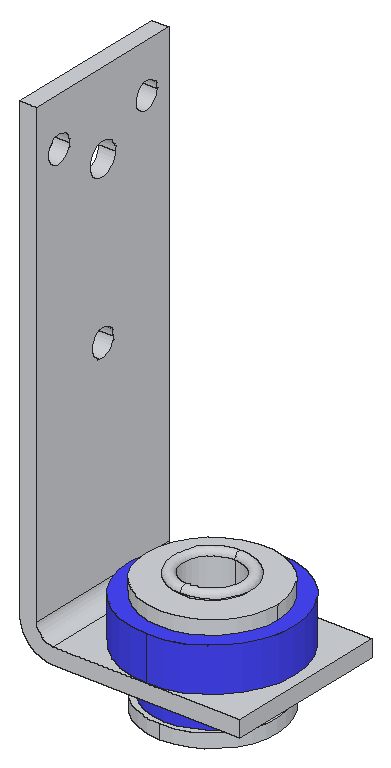
Revit family "Kanalhalter LLN, VA", category Allgemeines Modell, Revit 2017
Family settings
  Kann Basisbauteil für Bewehrung sein = Nein
  Bemaßung runder Anschluss = Durchmesser verwenden
  Teiletyp = Normal
  Arbeitsebenenbasiert = Ja
  Immer vertikal = Nein
  Beim Laden mit Abzugskörper schneiden = Nein
  Gemeinsam genutzt = Ja
  Raumberechnungspunkt = Nein
Parameters (values of type "Kanalhalter LLN, V2A")
  vpe = "1 St"
  max. zul. Last stehend = 0.90 kN
  max. zul. Last hängend = 0.00 kN
  max. Temperaturbeständigkeit = "100 °C"
  Default Elevation = 1219.2 mm
  Unterlegscheibe VA = Unterlegscheibe VA : Unterlegscheibe 13,0x24x2,5 V2A
  Stärke Material = 3 mm
  Schalldämmeinlage = "Gummi SBR"
  Regelhalter [instance] = ""
  Mengeneinheit = "St"
  Länge = 40 mm
  Kurztext2 = "Höhe 90 mm Gummi genietet"
  Kurztext1 = "Kanalhalter L V2A"
  Kanalhalterwinkel L VA = Kanalhalterwinkel L VA : MEFA Kanalhalterwinkel L V2A (8469831)
  Höhe = "90 mm"
  Gewicht pro Bauteil = Gewicht  # 0.109 kg
  Gewicht = 0.109 kg
  Firma = "MEFA Befestigungs- und Montagesysteme GmbH"
  Fabrikat = "MEFA"
  EAN = "4250928414946"
  Dämmelementtyp = "genietet"
  Breite Material = "30 mm"
  Bauart = "L"
  Ausführung = "leicht"
  Artikelnummer = "0590003"
  Anschluss = "M8/M10"
Types (3, lengths in mm): name | Unterlegscheibe VA | Kurztext1 | Kanalhalterwinkel L VA | EAN | Artikelnummer
  (no name) | Unterlegscheibe VA : Unterlegscheibe 13,0x24x2,5 V2A | "Kanalhalter L V2A" | Kanalhalterwinkel L VA : MEFA Kanalhalterwinkel L V2A (8469831) | "4250928414946" | "0590003"
  Kanalhalter LLN, V2A | Unterlegscheibe VA : Unterlegscheibe 13,0x24x2,5 V2A | "Kanalhalter L V2A" | Kanalhalterwinkel L VA : MEFA Kanalhalterwinkel L V2A (8469831) | "4250928414946" | "0590003"
  Kanalhalter LLN, V4A | Unterlegscheibe VA : Unterlegscheibe 13,0x24x2,5 V4A | "Kanalhalter L V4A" | Kanalhalterwinkel L VA : MEFA Kanalhalterwinkel L V4A (8459831) | "4250928414953" | "0590004"
Reference planes
  plane 1 "Mitte (Vorne/hinten)": y = 0
  plane 2: z = 0
  plane 3 "Mitte (Links/rechts)": x = 0
Dimensions and locks
  aligned and locked: level to plane 2
Nested families
  nested 1: "Kanalhalterwinkel L VA" at (0, 0, 0), type <- "Kanalhalterwinkel L VA", type "MEFA Kanalhalterwinkel L V2A (8469831)"
  nested 2: "Gummiring" at (23, 0, 3) x (0, 1, 0) z (0, 0, 1), type "Gummiring 12x30x 8 (0009702)"
  nested 3: "Gummiring" at (23, 0, -5), type "Gummiring 12x22x 5 (0009700)"
  nested 4: "Unterlegscheibe VA" at (22.993, 0, 11) x (-1, 0, 0) z (0, 0, 1), type <- "Unterlegscheibe VA", type "Unterlegscheibe 13,0x24x2,5 V2A"
  nested 5: "Unterlegscheibe VA" at (23.013, 0, -7.5) x (0, 1, 0) z (0, 0, 1), type "Unterlegscheibe 13,0x24x2,5 V2A"
  nested 6: "Rohrniete DIN 7340" at (23, 0, 3) x (0, 1, 0) z (1, 0, 0), type "Rohrniete DIN 7340 11,5 (0009904)"
Definition of nested family "Kanalhalterwinkel L VA"
  Parameters (values of type "MEFA Kanalhalterwinkel L V4A (8459831)")
    Default Elevation = 1219.2 mm
    Regelhalter [instance] = ""
    Firma = "MEFA Befestigungs- und Montagesysteme GmbH"
  Types (2): name
    MEFA Kanalhalterwinkel L V2A (8469831)
    MEFA Kanalhalterwinkel L V4A (8459831)
  Reference planes
    plane 1 "Mitte (Vorne/hinten)": y = 0
    plane 2: z = 0
    plane 3 "Mitte (Links/rechts)": x = 0
  Forms (mm)
    Extrusion 1, solid
      sketch origin (0, 0, 0) x (1, 0, 0) y (0, 0, 1)
        loop
          arc (0, 6) -> (1.757, 1.757) -> (6, 0) r 6
          line (6, 0) -> (40, 0) -> (40, 3) -> (6, 3)
          arc (6, 3) -> (3.879, 3.879) -> (3, 6) r 3
          line (3, 6) -> (3, 90) -> (0, 90) -> (0, 6)
      from -15 to 15
    Extrusion 2, void
      sketch origin (0, 0, 0) x (0, 1, 0) y (0, 0, 1)
        loop
          circle (10, 81) r 2.5
        loop
          circle (-10, 81) r 2.5
        loop
          circle (0, 75) r 3
        loop
          circle (0, 45) r 2.5
      from 0 to 10
    Extrusion 3, void
      sketch origin (0, 0, 0) x (1, 0, 0) y (0, 1, 0)
        loop
          circle (23, 0) r 9
      from 0 to 10
  Cuts and joins
    Extrusion 2, Extrusion 3 cuts Extrusion 1
  Dimensions and locks
    aligned and locked: level to plane 2
Definition of nested family "Gummiring"
  Parameters (values of type "Gummiring 12x22x 5 (0009700)")
    Default Elevation = 1219.2 mm
    Regelhalter [instance] = ""
    Länge = 5 mm
    Firma = "MEFA Befestigungs- und Montagesysteme GmbH"
    D0 = 12 mm
    D = 22 mm
  Types (4, lengths in mm): name | Länge | D0 | D
    Gummiring 12x30x 8 (0009702) | 8 | 12 | 30
    Gummiring 12x22x 8 (0009701) | 8 | 12 | 22
    Gummiring 12x22x 5 (0009700) | 5 | 12 | 22
    Gummiring 11x22x 5 (0009695) | 5 | 11 | 22
  Reference planes
    plane 1 "Mitte (Vorne/hinten)": y = 0
    plane 2: z = 0
    plane 3 "Mitte (Links/rechts)": x = 0
    plane 4: z = 5
  Forms (mm)
    Extrusion 1, solid
      sketch origin (0, 0, 0) x (1, 0, 0) y (0, 1, 0)
        loop
          circle (0, 0) r 11
      from 0 to 5
    Extrusion 2, void
      sketch origin (0, 0, 0) x (1, 0, 0) y (0, 1, 0)
        loop
          circle (0, 0) r 6
      from 0 to 5
  Cuts and joins
    Extrusion 2 cuts Extrusion 1
  Lines and regions (mm)
    model lines, not visible
      curve 1: line (9.299, 0, 5) -> (-10.701, 0, 5)
      curve 2: line (0, 15.717, 5) -> (0, -4.283, 5)
      curve 3: line (0, 10.717, 0) -> (0, -9.283, 0)
      curve 4: line (6.799, 0, 0) -> (-13.201, 0, 0)
      curve 5: line (0, 0, 72.337) -> (0, 0, -112.663)
  Dimensions and locks
    "Länge": level to plane 4
    "D": diameter of Extrusion 1 sketch curve
    "D0": diameter of Extrusion 2 sketch curve
    aligned and locked: level to plane 2
    aligned and locked: Extrusion 1 to level
    aligned and locked: Extrusion 1 to curve 1
    aligned and locked: plane 4 to Extrusion 1
    aligned and locked: curve 2 to plane 4
    aligned and locked: curve 3 to level
    aligned and locked: curve 4 to level
    aligned and locked: plane 3 "Mitte (Links/rechts)" to curve 5
    aligned and locked: curve 5 to plane 1 "Mitte (Vorne/hinten)"
    aligned and locked: Extrusion 1 to Extrusion 2
    aligned and locked: Extrusion 2 to level
  Automatic sketch dimensions
    plane 1 "Mitte (Vorne/hinten)" to curve 2 = 4.283 mm
    plane 1 "Mitte (Vorne/hinten)" to curve 3 = 9.283 mm
    curve 3 to plane 1 "Mitte (Vorne/hinten)" = 10.717 mm
    curve 2 to plane 1 "Mitte (Vorne/hinten)" = 15.717 mm
    curve 4 to plane 3 "Mitte (Links/rechts)" = 13.201 mm
    curve 1 to plane 3 "Mitte (Links/rechts)" = 10.701 mm
    plane 3 "Mitte (Links/rechts)" to curve 4 = 6.799 mm
    plane 3 "Mitte (Links/rechts)" to curve 1 = 9.299 mm
    curve 5 to level = 112.663 mm
    plane 4 to curve 5 = 67.337 mm
    plane 1 "Mitte (Vorne/hinten)" to Extrusion 1 sketch curve = 0 mm
    Extrusion 1 sketch curve to plane 3 "Mitte (Links/rechts)" = 0 mm
    plane 1 "Mitte (Vorne/hinten)" to Extrusion 2 sketch curve = 0 mm
    Extrusion 2 sketch curve to plane 3 "Mitte (Links/rechts)" = 0 mm
Definition of nested family "Unterlegscheibe VA"
  Parameters (values of type "Unterlegscheibe 10,5x20x2,0 V4A")
    vpe = "100 St"
    max. zul. Last stehend = 0.00 kN
    max. zul. Last hängend = 0.00 kN
    max. Temperaturbeständigkeit = ""
    Default Elevation = 1219.2 mm
    Stärke Material = 0 mm
    Schalldämmeinlage = ""
    S = 2 mm
    Regelhalter [instance] = ""
    Mengeneinheit = "St"
    Länge = 0 mm
    Kurztext2 = "10,5 x 20 x 2 mm"
    Kurztext1 = "Unterlegscheibe EN ISO 7089 V4A"
    Höhe = ""
    Gewicht = 0.0037 kg
    Firma = "MEFA Befestigungs- und Montagesysteme GmbH"
    Fabrikat = "MEFA"
    EAN = "4250928439208"
    Dämmelementtyp = ""
    D0 = 10.5 mm
    D = 20 mm
    Breite Material = ""
    Bauart = ""
    Ausführung = ""
    Artikelnummer = "4338120"
    Anschluss = ""
  Types (15, lengths in mm): name | vpe | S | Mengeneinheit | Kurztext2 | Kurztext1 | Gewicht | Fabrikat | EAN | D0 | D | Artikelnummer
    Unterlegscheibe  8,4x16x1,6 V2A | "100 St" | 1.6 | "St" | "8,4 x 16 x 1,6 mm" | "Unterlegscheibe EN ISO 7089 V2A" | 0.0019 kg | "MEFA" | "4250928439161" | 8.4 | 16 | "4338108"
    Unterlegscheibe 10,5x20x2,0 V2A | "100 St" | 2 | "St" | "10,5 x 20 x 2 mm" | "Unterlegscheibe EN ISO 7089 V2A" | 0.0037 kg | "MEFA" | "4250928439178" | 10.5 | 20 | "4338110"
    Unterlegscheibe 13,0x24x2,5 V2A | "100 St" | 2.5 | "St" | "13 x 24 x 2,5 mm" | "Unterlegscheibe EN ISO 7089 V2A" | 0.0065 kg | "MEFA" | "4250928439185" | 13 | 24 | "4338113"
    Unterlegscheibe  8,4x25x2,0 V2A | "100 St" | 2 | "St" | "8,4 x 25 x 2 mm" | "Unterlegscheibe EN ISO 7093-1 V2A" | 0.0071 kg | "MEFA" | "4250928439123" | 8.4 | 25 | "4338008"
    Unterlegscheibe 10,5x30x2,5 V2A | "" | 2.5 | "" | "" | "" | 0.00 kg | "" | "" | 10.5 | 30 | "3228010"
    Unterlegscheibe 13,0x37x3,0 V2A | "100 St" | 3 | "St" | "13 x 37 x 3 mm" | "Unterlegscheibe EN ISO 7093-1 V2A" | 0.0231 kg | "MEFA" | "4250928439147" | 13 | 37 | "4338013"
    Unterlegscheibe 17,0x50x3,0 V2A | "50 St" | 3 | "St" | "17 x 50 x 3 mm" | "Unterlegscheibe EN ISO 7093-1 V2A" | 0.0425 kg | "MEFA" | "4250928439154" | 17 | 50 | "4338017"
    Unterlegscheibe 10,5x40x3,0 V4A | "100 St" | 3 | "St" | "10,5 x 40 x 3 mm" | "Unterlegscheibe V4A" | 0.0286 kg | "MEFA" | "4250928448958" | 10.5 | 40 | "43385103"
    Unterlegscheibe  8,4x16x1,6 V4A | "100 St" | 1.6 | "St" | "8,4 x 16 x 1,6 mm" | "Unterlegscheibe EN ISO 7089 V4A" | 0.0019 kg | "MEFA" | "4250928439192" | 8.4 | 16 | "4338118"
    Unterlegscheibe 10,5x20x2,0 V4A | "100 St" | 2 | "St" | "10,5 x 20 x 2 mm" | "Unterlegscheibe EN ISO 7089 V4A" | 0.0037 kg | "MEFA" | "4250928439208" | 10.5 | 20 | "4338120"
    Unterlegscheibe 13,0x24x2,5 V4A | "100 St" | 2.5 | "St" | "13 x 24 x 2,5 mm" | "Unterlegscheibe EN ISO 7089 V4A" | 0.0065 kg | "MEFA" | "4250928439215" | 13 | 24 | "4338123"
    Unterlegscheibe  8,4x25x2,0 V4A | "100 St" | 2 | "St" | "8,4 x 25 x 2 mm" | "Unterlegscheibe EN ISO 7093-1 V4A" | 0.0071 kg | "MEFA" | "4250928439222" | 8.4 | 25 | "4338208"
    Unterlegscheibe 10,5x30x2,5 V4A | "100 St" | 2.5 | "St" | "10,5 x 30 x 2,5 mm" | "Unterlegscheibe EN ISO 7093-1 V4A" | 0.0127 kg | "MEFA" | "4250928439239" | 10.5 | 30 | "4338210"
    Unterlegscheibe 13,0x37x3,0 V4A | "100 St" | 3 | "St" | "13 x 37 x 3 mm" | "Unterlegscheibe EN ISO 7093-1 V4A" | 0.0231 kg | "MEFA" | "4250928439246" | 13 | 37 | "4338213"
    Unterlegscheibe 17,0x50x3,0 V4A | "50 St" | 3 | "St" | "17 x 50 x 3 mm" | "Unterlegscheibe EN ISO 7093-1 V4A" | 0.0368 kg | "MEFA" | "4250928439253" | 17 | 50 | "4338217"
  Reference planes
    plane 1 "Mitte (Vorne/hinten)": y = 0
    plane 2: z = 0
    plane 3 "Mitte (Links/rechts)": x = 0
    plane 4: z = 2
  Forms (mm)
    Extrusion 1, solid
      sketch origin (0, 0, 0) x (1, 0, 0) y (0, 1, 0)
        loop
          circle (0, 0) r 10
      from 0 to 2
    Extrusion 2, void
      sketch origin (0, 0, 0) x (1, 0, 0) y (0, 1, 0)
        loop
          circle (0, 0) r 5.25
      from 0 to 2
  Cuts and joins
    Extrusion 2 cuts Extrusion 1
  Lines and regions (mm)
    model lines, not visible
      curve 1: line (9.299, 0, 2) -> (-10.701, 0, 2)
      curve 2: line (0, 15.717, 2) -> (0, -4.283, 2)
      curve 3: line (0, 10.717, 0) -> (0, -9.283, 0)
      curve 4: line (6.799, 0, 0) -> (-13.201, 0, 0)
      curve 5: line (0, 0, 69.337) -> (0, 0, -112.663)
  Dimensions and locks
    "S": level to plane 4
    "D": diameter of Extrusion 1 sketch curve
    "D0": diameter of Extrusion 2 sketch curve
    aligned and locked: level to plane 2
    aligned and locked: Extrusion 1 to level
    aligned and locked: Extrusion 1 to curve 1
    aligned and locked: plane 4 to Extrusion 1
    aligned and locked: curve 2 to plane 4
    aligned and locked: curve 3 to level
    aligned and locked: curve 4 to level
    aligned and locked: plane 3 "Mitte (Links/rechts)" to curve 5
    aligned and locked: curve 5 to plane 1 "Mitte (Vorne/hinten)"
    aligned and locked: Extrusion 1 to Extrusion 2
    aligned and locked: Extrusion 2 to level
  Automatic sketch dimensions
    plane 1 "Mitte (Vorne/hinten)" to curve 2 = 4.283 mm
    plane 1 "Mitte (Vorne/hinten)" to curve 3 = 9.283 mm
    curve 3 to plane 1 "Mitte (Vorne/hinten)" = 10.717 mm
    curve 2 to plane 1 "Mitte (Vorne/hinten)" = 15.717 mm
    curve 4 to plane 3 "Mitte (Links/rechts)" = 13.201 mm
    curve 1 to plane 3 "Mitte (Links/rechts)" = 10.701 mm
    plane 3 "Mitte (Links/rechts)" to curve 4 = 6.799 mm
    plane 3 "Mitte (Links/rechts)" to curve 1 = 9.299 mm
    curve 5 to level = 112.663 mm
    plane 4 to curve 5 = 67.337 mm
    plane 1 "Mitte (Vorne/hinten)" to Extrusion 1 sketch curve = 0 mm
    Extrusion 1 sketch curve to plane 3 "Mitte (Links/rechts)" = 0 mm
    plane 1 "Mitte (Vorne/hinten)" to Extrusion 2 sketch curve = 0 mm
    Extrusion 2 sketch curve to plane 3 "Mitte (Links/rechts)" = 0 mm
Definition of nested family "Rohrniete DIN 7340"
  Parameters (values of type "Rohrniete DIN 7340 10 (0009903)")
    Default Elevation = 1219.2 mm
    Regelhalter [instance] = ""
    Firma = "MEFA Befestigungs- und Montagesysteme GmbH"
    D = 5 mm
  Types (3, lengths in mm): name | D
    Rohrniete DIN 7340 11,5 (0009904) | 5.75
    Rohrniete DIN 7340 10 (0009903) | 5
    Rohrniete DIN 7340 11,5 (0009904) lang | 5.75
  Reference planes
    plane 1 "Mitte (Vorne/hinten)": y = 0
    plane 2: z = 0
    plane 3 "Mitte (Links/rechts)": x = 0
  Forms (mm)
    Revolve 1, solid
      sketch origin (0, 0, 0) x (1, 0, 0) y (0, 1, 0)
        loop
          line (-5, 11.25) -> (-5, -11.25) -> (-6.5, -11.25)
          arc (-6.5, -11.25) -> (-5.477, -12.273) -> (-4.454, -11.25) r 1.023
          line (-4.454, -11.25) -> (-4.454, 11.25)
          arc (-4.454, 11.25) -> (-5.454, 12.25) -> (-6.454, 11.25) r 1
          line (-6.454, 11.25) -> (-5, 11.25)
        axis (0, 11.25) -> (0, -11.25)
      angle from 0 to 360
  Dimensions and locks
    "D": Revolve 1 sketch curve to Revolve 1 sketch curve
    aligned and locked: level to plane 2
  Automatic sketch dimensions
    Revolve 1 sketch curve to plane 3 "Mitte (Links/rechts)" = 0 mm
    Revolve 1 sketch curve to Revolve 1 sketch curve = 0.454 mm
    Revolve 1 sketch curve to Revolve 1 sketch curve = 0.477 mm
    Revolve 1 sketch curve to Revolve 1 sketch curve = 1 mm
    plane 1 "Mitte (Vorne/hinten)" to Revolve 1 sketch curve = 11.25 mm
    Revolve 1 sketch curve to plane 1 "Mitte (Vorne/hinten)" = 11.25 mm
    Revolve 1 sketch curve to Revolve 1 sketch curve = 1.326 mm
    Revolve 1 sketch curve to Revolve 1 sketch curve = 1.174 mm
